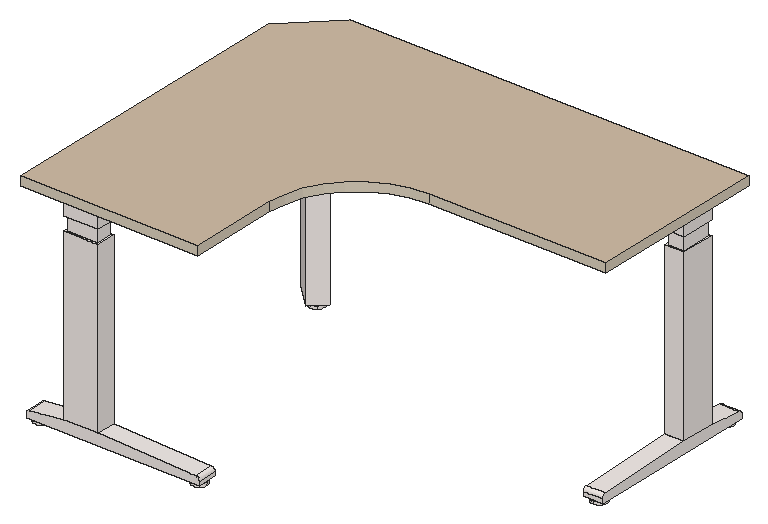
Revit family "M_Sistema de mobiliário-escrivaninha-angular em L de canto quadrado", category Sistema de mobiliário, Revit 2019
Family settings
  Cota do conector redondo = Utilizar diâmetro
  Tipo de parte = Normal
  Número OmniClass = 23.40.70.14.64.21
  Título OmniClass = Systems Furniture
  Com base no plano de trabalho = Não
  Sempre na vertical = Sim
  Corte com vazios quando carregada = Não
  Compartilhado = Não
  Ponto de cálculo do ambiente = Não
Parameters (values of type "1500 x 1200 x 600mm")
  Material da superfície de trabalho [instance] = Laminado plástico – Carvalho branco
  Comentários de tipos = "Escrivaninha angular em L de canto quadrado de 1500 x 1200 x 600 mm"
  Espessura = 30 mm
  Largura = 1200 mm
  Raio = 300 mm
  Model = ""
  Manufacturer = ""
  Comprimento = 1500 mm
  Altura [instance] = 750 mm
  H [instance] = Altura + 5 mm  # 755 mm
  Material do pé [instance] = Metal – Linho pintado
  Altura do pé [instance] = Altura - Espessura  # 720 mm
  Material da aresta [instance] = Laminado plástico – Bege – Claro – Suave
  Description = ""
  Linear = 600 mm
Reference planes
  plane 1 "Centro F/T": y = 0
  plane 2: z = 0
  plane 3 "Centro E/D": x = 0
  plane 4: y = -600
  plane 5 "Direita": x = 1500
  plane 6: x = 600
  plane 7 "Parte frontal": y = -1200
  plane 8: y = -1149.2
  plane 9: x = 1449.2
  plane 10: x = 300
  plane 11: y = -300
  plane 12: x = 190.463
  plane 13: y = -190.463
  plane 14: z = 720
  plane 15: z = 750
  plane 16: y = -900
  plane 17: x = 900
Forms (mm)
  Extrusion 1, solid, material "Laminado plástico – Carvalho branco" <- "Material da superfície de trabalho"
    sketch origin (300, -300, 0) x (0.707107, 0.707107, 0) y (-0.707107, 0.707107, 0)
      loop
        line (107.763, 316.501) -> (-107.763, 316.501) -> (-848.528, -424.264) -> (-424.264, -848.528) -> (-212.132, -636.396)
        arc (-212.132, -636.396) -> (0, -548.528) -> (212.132, -636.396) r 300
        line (212.132, -636.396) -> (636.396, -1060.66) -> (1060.66, -636.396) -> (107.763, 316.501)
    from 720 to 750
Lines and regions (mm)
  Masking region 1
    outline origin (300, -300, 0) x (0.707107, 0.707107, 0) y (-0.707107, 0.707107, 0)
      loop
        line (1060.66, -636.396) -> (107.763, 316.501) -> (-107.763, 316.501) -> (-848.528, -424.264) -> (-424.264, -848.528) -> (-212.132, -636.396)
        arc (-212.132, -636.396) -> (0, -548.528) -> (212.132, -636.396) r 300
        line (212.132, -636.396) -> (636.396, -1060.66) -> (1060.66, -636.396)
  reference lines
    curve 1: line (300, -300, 0) -> (542.467, -57.533, 0)
    curve 2: line (300, -300, 0) -> (484.095, -484.095, 0)
    curve 3: line (182.881, -235.269, 0) -> (524.131, 105.981, 0)
Dimensions and locks
  "Comprimento": plane 3 "Centro E/D" to plane 5 "Direita"
  "Linear": plane 4 to plane 1 "Centro F/T"
  "Largura": plane 7 "Parte frontal" to plane 1 "Centro F/T"
  "Linear": plane 3 "Centro E/D" to plane 6
  locked: plane 8 to plane 7 "Parte frontal" at 50.8
  locked: plane 9 to plane 5 "Direita" at 50.8
  equal spacing: plane 3 "Centro E/D", plane 10, plane 6
  equal spacing: plane 1 "Centro F/T", plane 11, plane 4
  locked: plane 12 to plane 10 at 109.538
  locked: plane 13 to plane 11 at 109.538
  locked: curve 1 to curve 3 at 128.587
  locked: plane 3 "Centro E/D" to Extrusion 1 sketch curve at 152.4
  locked: Extrusion 1 sketch curve to plane 1 "Centro F/T" at 152.4
  "Espessura": plane 15 to plane 14
  "Altura": plane 15 to plane 2
  locked: plane 3 "Centro E/D" to Masking region 1 sketch curve at 152.4
  locked: Masking region 1 sketch curve to plane 1 "Centro F/T" at 152.4
  "Raio": plane 6 to plane 17
  "Raio": plane 4 to plane 16
  "Raio": radius of Masking region 1 sketch curve
  "Raio": radius of Extrusion 1 sketch curve
  locked: curve 2 to plane 11 (angle 45.00°)
  locked: plane 11 to curve 1 (angle 45.00°)
  locked: plane 11 to curve 3 (angle 45.00°)
  aligned and locked: level to plane 2
  aligned and locked: nested 2 to plane 8
  aligned and locked: nested 2 to plane 12
  aligned and locked: nested 3 to plane 9
  aligned and locked: nested 3 to plane 13
  aligned and locked: plane 2 to nested 3
  aligned and locked: plane 2 to nested 2
  aligned and locked: plane 11 to curve 1
  aligned and locked: plane 10 to curve 1
  aligned and locked: plane 11 to curve 2
  aligned and locked: plane 10 to curve 2
  aligned and locked: nested 1 to curve 2
  aligned and locked: curve 3 to nested 1
  aligned and locked: plane 2 to nested 1
  aligned and locked: plane 5 "Direita" to Extrusion 1 sketch curve
  aligned and locked: plane 3 "Centro E/D" to Extrusion 1 sketch curve  (x2)
  aligned and locked: plane 6 to Extrusion 1 sketch curve  (x2)
  aligned and locked: plane 1 "Centro F/T" to Extrusion 1 sketch curve
  aligned and locked: plane 15 to Extrusion 1
  aligned and locked: Extrusion 1 to plane 14
  aligned and locked: plane 7 "Parte frontal" to Extrusion 1 sketch curve
  aligned and locked: plane 4 to Extrusion 1 sketch curve
  aligned and locked: Masking region 1 sketch curve to plane 1 "Centro F/T"
  aligned and locked: Masking region 1 sketch curve to plane 3 "Centro E/D"
  aligned and locked: Masking region 1 sketch curve to plane 7 "Parte frontal"
  aligned and locked: plane 6 to Masking region 1 sketch curve  (x2)
  aligned and locked: Masking region 1 sketch curve to plane 4
  aligned and locked: Masking region 1 sketch curve to plane 5 "Direita"
  aligned and locked: plane 4 to Masking region 1 sketch curve
  aligned and locked: plane 16 to Extrusion 1 sketch curve  (x2)
  aligned and locked: plane 16 to Masking region 1 sketch curve
  aligned and locked: plane 17 to Masking region 1 sketch curve
  aligned and locked: plane 17 to Extrusion 1 sketch curve
Automatic sketch dimensions
  curve 3 to curve 1 = 37.044 mm
Nested families
  nested 1: "M_Sistema de mobiliário-pé-I" at (186.377, -186.377, 0) x (0.7071, -0.7071, 0) z (0, 0, 1), Material do pé <- "Material do pé", type "720mm"
    with Material do pé Metal – Linho pintado
  nested 2: "M_Sistema de mobiliário-pé-C" at (190.463, -1149.2, 0), Material do pé <- "Material do pé", type "720mm"
    with Material do pé Metal – Linho pintado
  nested 3: "M_Sistema de mobiliário-pé-C" at (1449.2, -190.463, 0) x (0, -1, 0) z (0, 0, 1), Material do pé <- "Material do pé", type "720mm"
    with Material do pé Metal – Linho pintado
Definition of nested family "M_Sistema de mobiliário-pé-I"
  Parameters (values of type "720mm")
    Largura = 115 mm
    Type Comments = "Pé em I de 720 mm"
    Espessura = 65 mm
    Model = ""
    Manufacturer = ""
    Altura = 720 mm
    H = 755 mm
    Material do pé [instance] = none
    Description = ""
  Reference planes
    plane 1 "Centro F/T": y = 0
    plane 2: z = 0
    plane 3 "Centro E/D": x = 0
    plane 4 "Parte frontal": y = -32.5
    plane 5 "Esquerda": x = -57.5
    plane 6 "Superior": z = 720
    plane 7 "Direita": x = 57.5
    plane 8: y = 32.5
    plane 9: z = 12.7
    plane 10: z = 669.2
    plane 11: y = 26.15
    plane 12: y = -26.15
    plane 13: x = -51.15
    plane 14: x = 51.15
    plane 15: z = 622.3
    plane 16: z = 8.467
    plane 17: x = 32.1
    plane 18: z = 755
  Forms (mm)
    Extrusion 1, solid, material <- "Material do pé"
      sketch origin (0, 0, 0) x (1, 0, 0) y (0, 1, 0)
        loop
          line (-57.5, 32.5) -> (-57.5, -32.5) -> (57.5, -32.5) -> (57.5, 32.5) -> (-57.5, 32.5)
      from 12.7 to 622.3
    Extrusion 2, solid, material <- "Material do pé"
      sketch origin (0, 0, 0) x (1, 0, 0) y (0, 1, 0)
        loop
          line (-51.15, 26.15) -> (-51.15, -26.15) -> (51.15, -26.15) -> (51.15, 26.15) -> (-51.15, 26.15)
      from 622.3 to 669.2
    Extrusion 3, solid, material <- "Material do pé"
      sketch origin (0, 0, 0) x (1, 0, 0) y (0, 1, 0)
        loop
          line (-57.5, 32.5) -> (-57.5, -32.5) -> (57.5, -32.5) -> (57.5, 32.5) -> (-57.5, 32.5)
      from 669.2 to 720
    Revolve 4, solid, material <- "Material do pé"
      sketch origin (0, 0, 0) x (1, 0, 0) y (0, 0, 1)
        loop
          line (57.5, 8.467) -> (36.333, 8.467) -> (36.333, 12.7) -> (32.1, 12.7) -> (32.1, 0) -> (57.5, 0) -> (57.5, 8.467)
        axis (32.1, 12.7) -> (32.1, 0)
      angle from 0 to 360
  Lines and regions (mm)
    Masking region 1
      outline origin (0, 0, 0) x (1, 0, 0) y (0, 1, 0)
        loop
          line (-57.5, 32.5) -> (-57.5, -32.5) -> (57.5, -32.5) -> (57.5, 32.5) -> (-57.5, 32.5)
    reference lines
      curve 1: line (0, 0, 0) -> (0, 0, 755)
  Dimensions and locks
    "Largura": plane 5 "Esquerda" to plane 7 "Direita"
    "Altura": plane 6 "Superior" to plane 2
    "Espessura": plane 8 to plane 4 "Parte frontal"
    equal spacing: plane 8, plane 1 "Centro F/T", plane 4 "Parte frontal"
    locked: plane 9 to level at 12.7
    equal spacing: plane 5 "Esquerda", plane 3 "Centro E/D", plane 7 "Direita"
    locked: plane 6 "Superior" to plane 10 at 50.8
    locked: plane 8 to plane 11 at 6.35
    locked: plane 4 "Parte frontal" to plane 12 at 6.35
    locked: plane 5 "Esquerda" to plane 13 at 6.35
    locked: plane 14 to plane 7 "Direita" at 6.35
    plane 3 "Centro E/D" to Extrusion 3 = 57.5 mm
    locked: plane 16 to plane 2 at 8.467
    locked: plane 7 "Direita" to plane 17 at 25.4
    locked: Revolve 4 sketch curve to plane 17 at 4.233
    locked: plane 15 to plane 9 at 609.6
    "H": plane 18 to plane 2
    aligned and locked: level to plane 2
    aligned and locked: Extrusion 1 sketch curve to plane 8
    aligned and locked: plane 5 "Esquerda" to Extrusion 1 sketch curve
    aligned and locked: plane 4 "Parte frontal" to Extrusion 1 sketch curve
    aligned and locked: plane 4 "Parte frontal" to Masking region 1 sketch curve
    aligned and locked: Masking region 1 sketch curve to plane 8
    aligned and locked: plane 7 "Direita" to Extrusion 1 sketch curve
    aligned and locked: plane 11 to Extrusion 2 sketch curve
    aligned and locked: plane 13 to Extrusion 2 sketch curve
    aligned and locked: Extrusion 2 sketch curve to plane 12
    aligned and locked: Extrusion 2 sketch curve to plane 14
    aligned and locked: plane 15 to Extrusion 1
    aligned and locked: Extrusion 2 to plane 15
    aligned and locked: plane 10 to Extrusion 2
    aligned and locked: Extrusion 3 sketch curve to Extrusion 1  (x2)
    aligned and locked: plane 6 "Superior" to Extrusion 3
    aligned and locked: Extrusion 1 to plane 9
    aligned and locked: plane 5 "Esquerda" to Masking region 1 sketch curve
    aligned and locked: plane 7 "Direita" to Masking region 1 sketch curve
    aligned and locked: plane 17 to Revolve 4 sketch curve
    aligned and locked: Revolve 4 sketch curve to plane 9
    aligned and locked: Revolve 4 sketch curve to plane 16
    aligned and locked: plane 7 "Direita" to Revolve 4 sketch curve
    aligned and locked: plane 2 to Revolve 4 sketch curve
    aligned and locked: Revolve 4 sketch curve to plane 17
    aligned and locked: Extrusion 3 to plane 10
    aligned and locked: plane 3 "Centro E/D" to curve 1
    aligned and locked: plane 18 to curve 1
  Automatic sketch dimensions
    Extrusion 3 sketch curve to plane 4 "Parte frontal" = 0 mm
    Extrusion 3 sketch curve to plane 8 = 0 mm
    Revolve 4 sketch curve to Revolve 4 sketch curve = 63.5 mm
    Revolve 4 sketch curve to Revolve 4 sketch curve = 57.15 mm
    curve 1 to level = 0 mm
Definition of nested family "M_Sistema de mobiliário-pé-C"
  Parameters (values of type "720mm")
    Largura = 115 mm
    Type Comments = "Pé em C de 720 mm"
    Espessura = 65 mm
    Model = ""
    Manufacturer = ""
    Altura = 720 mm
    H = 755 mm
    Material do pé [instance] = none
    Description = ""
  Reference planes
    plane 1 "Centro F/T": y = 0
    plane 2: z = 0
    plane 3 "Centro E/D": x = 0
    plane 4 "Parte frontal": y = -32.5
    plane 5: x = -57.5
    plane 6 "Superior": z = 720
    plane 7: z = 50.8
    plane 8: x = 57.5
    plane 9: y = 32.5
    plane 10: z = 12.7
    plane 11 "Esquerda": x = -184.5
    plane 12 "Direita": x = 400.4
    plane 13: z = 38.1
    plane 14: z = 669.2
    plane 15: y = 26.15
    plane 16: y = -26.15
    plane 17: x = -51.15
    plane 18: x = 51.15
    plane 19: z = 622.3
    plane 20: x = -159.1
    plane 21: x = 375
    plane 22: z = 8.467
    plane 23: z = 755
  Forms (mm)
    Extrusion 1, solid, material <- "Material do pé"
      sketch origin (0, 0, 0) x (1, 0, 0) y (0, 1, 0)
        loop
          line (-57.5, 32.5) -> (-57.5, -32.5) -> (57.5, -32.5) -> (57.5, 32.5) -> (-57.5, 32.5)
      from 50.8 to 622.3
    Extrusion 2, solid, material <- "Material do pé"
      sketch origin (0, -32.5, 0) x (-1, 0, 0) y (0, 0, 1)
        loop
          line (184.5, 12.7) -> (184.5, 26.607)
          arc (184.5, 26.607) -> (181.216, 35.128) -> (173.064, 39.244) r 12.7
          line (173.064, 39.244) -> (57.5, 50.8) -> (-57.5, 50.8) -> (-388.17, 38.553)
          arc (-388.17, 38.553) -> (-396.845, 34.674) -> (-400.4, 25.862) r 12.7
          line (-400.4, 25.862) -> (-400.4, 12.7) -> (184.5, 12.7)
      from 0 to 65
    Extrusion 3, solid, material <- "Material do pé"
      sketch origin (0, 0, 0) x (1, 0, 0) y (0, 1, 0)
        loop
          line (-51.15, 26.15) -> (-51.15, -26.15) -> (51.15, -26.15) -> (51.15, 26.15) -> (-51.15, 26.15)
      from 622.3 to 669.2
    Extrusion 4, solid, material <- "Material do pé"
      sketch origin (0, 0, 0) x (1, 0, 0) y (0, 1, 0)
        loop
          line (-57.5, 32.5) -> (-57.5, -32.5) -> (57.5, -32.5) -> (57.5, 32.5) -> (-57.5, 32.5)
      from 669.2 to 720
    Revolve 5, solid, material <- "Material do pé"
      sketch origin (0, 0, 0) x (1, 0, 0) y (0, 0, 1)
        loop
          line (-184.5, 8.467) -> (-184.5, 0) -> (-159.1, 0) -> (-159.1, 12.7) -> (-163.333, 12.7) -> (-163.333, 8.467) -> (-184.5, 8.467)
        axis (-159.1, 12.7) -> (-159.1, 0)
      angle from 0 to 360
    Revolve 6, solid, material <- "Material do pé"
      sketch origin (0, 0, 0) x (1, 0, 0) y (0, 0, 1)
        loop
          line (375, 12.7) -> (375, 0) -> (400.4, 0) -> (400.4, 8.467) -> (379.233, 8.467) -> (379.233, 12.7) -> (375, 12.7)
        axis (375, 12.7) -> (375, 0)
      angle from 0 to 360
  Lines and regions (mm)
    Masking region 1
      outline origin (0, 0, 0) x (1, 0, 0) y (0, 1, 0)
        loop
          line (-184.5, 32.5) -> (-184.5, -32.5) -> (400.4, -32.5) -> (400.4, 32.5) -> (-184.5, 32.5)
    reference lines
      curve 1: line (0, 0, 0) -> (0, 0, 755)
  Dimensions and locks
    "Largura": plane 5 to plane 8
    plane 7 to plane 2 = 50.8 mm
    "Altura": plane 6 "Superior" to plane 2
    "Espessura": plane 9 to plane 4 "Parte frontal"
    equal spacing: plane 9, plane 1 "Centro F/T", plane 4 "Parte frontal"
    locked: plane 10 to level at 12.7
    equal spacing: plane 5, plane 3 "Centro E/D", plane 8
    locked: plane 7 to plane 2 at 50.8
    locked: plane 13 to plane 10 at 25.4
    locked: plane 5 to plane 11 "Esquerda" at 127
    locked: plane 8 to plane 12 "Direita" at 342.9
    locked: plane 6 "Superior" to plane 14 at 50.8
    locked: plane 9 to plane 15 at 6.35
    locked: plane 4 "Parte frontal" to plane 16 at 6.35
    locked: plane 5 to plane 17 at 6.35
    locked: plane 18 to plane 8 at 6.35
    plane 3 "Centro E/D" to Extrusion 4 = 57.5 mm
    locked: plane 20 to plane 11 "Esquerda" at 25.4
    locked: plane 12 "Direita" to plane 21 at 25.4
    locked: plane 22 to plane 2 at 8.467
    locked: plane 20 to Revolve 5 sketch curve at 4.233
    locked: Revolve 6 sketch curve to plane 21 at 4.233
    locked: plane 19 to plane 7 at 571.5
    "H": plane 23 to plane 2
    aligned and locked: level to plane 2
    aligned and locked: Extrusion 1 sketch curve to plane 9
    aligned and locked: plane 5 to Extrusion 1 sketch curve
    aligned and locked: plane 4 "Parte frontal" to Extrusion 1 sketch curve
    aligned and locked: Extrusion 1 to plane 7
    aligned and locked: plane 4 "Parte frontal" to Masking region 1 sketch curve
    aligned and locked: Masking region 1 sketch curve to plane 9
    aligned and locked: plane 8 to Extrusion 1 sketch curve
    aligned and locked: Extrusion 2 sketch curve to plane 11 "Esquerda"
    aligned and locked: Extrusion 2 sketch curve to plane 10
    aligned and locked: plane 12 "Direita" to Extrusion 2 sketch curve
    aligned and locked: plane 8 to Extrusion 2 sketch curve
    aligned and locked: plane 7 to Extrusion 2 sketch curve  (x2)
    aligned and locked: plane 5 to Extrusion 2 sketch curve
    aligned and locked: plane 9 to Extrusion 2
    aligned and locked: Extrusion 2 to plane 4 "Parte frontal"
    aligned and locked: plane 15 to Extrusion 3 sketch curve
    aligned and locked: plane 17 to Extrusion 3 sketch curve
    aligned and locked: Extrusion 3 sketch curve to plane 16
    aligned and locked: Extrusion 3 sketch curve to plane 18
    aligned and locked: plane 19 to Extrusion 1
    aligned and locked: Extrusion 3 to plane 19
    aligned and locked: plane 14 to Extrusion 3
    aligned and locked: Extrusion 4 sketch curve to Extrusion 2  (x2)
    aligned and locked: Extrusion 4 sketch curve to Extrusion 1  (x2)
    aligned and locked: plane 6 "Superior" to Extrusion 4
    aligned and locked: plane 10 to Revolve 5 sketch curve
    aligned and locked: plane 20 to Revolve 5 sketch curve
    aligned and locked: Revolve 5 sketch curve to plane 2
    aligned and locked: Revolve 5 sketch curve to plane 11 "Esquerda"
    aligned and locked: plane 22 to Revolve 5 sketch curve
    aligned and locked: Revolve 5 sketch curve to plane 20
    aligned and locked: Revolve 6 sketch curve to plane 21  (x2)
    aligned and locked: plane 10 to Revolve 6 sketch curve
    aligned and locked: plane 22 to Revolve 6 sketch curve
    aligned and locked: plane 12 "Direita" to Revolve 6 sketch curve
    aligned and locked: Revolve 6 sketch curve to plane 2
    aligned and locked: plane 11 "Esquerda" to Masking region 1 sketch curve
    aligned and locked: Masking region 1 sketch curve to plane 12 "Direita"
    aligned and locked: Extrusion 4 to plane 14
    aligned and locked: plane 3 "Centro E/D" to curve 1
    aligned and locked: plane 23 to curve 1
  Automatic sketch dimensions
    plane 13 to Extrusion 2 sketch curve = 0.453 mm
    Extrusion 2 sketch curve to plane 12 "Direita" = 12.23 mm
    Extrusion 2 sketch curve to plane 13 = 12.238 mm
    Extrusion 2 sketch curve to Extrusion 2 sketch curve = 12.7 mm
    plane 13 to Extrusion 2 sketch curve = 1.144 mm
    plane 11 "Esquerda" to Extrusion 2 sketch curve = 11.436 mm
    Revolve 5 sketch curve to level = 31.75 mm
    plane 7 to Revolve 5 sketch curve = 63.5 mm
    Revolve 6 sketch curve to level = 21.251 mm
    plane 7 to Revolve 6 sketch curve = 19.05 mm
    curve 1 to level = 0 mm
Types in the file's own list only (24): name | Comentários de tipos | Largura | Comprimento
  1050 x 1050 x 600mm | "Escrivaninha angular em L de canto quadrado de 1050 x 1050 x 600 mm" | 1050 mm | 1050 mm
  1200 x 1050 x 600mm | "Escrivaninha angular em L de canto quadrado de 1200 x 1050 x 600 mm" | 1050 mm | 1200 mm
  1350 x 1050 x 600mm | "Escrivaninha angular em L de canto quadrado de 1350 x 1050 x 600 mm" | 1050 mm | 1350 mm
  1500 x 1050 x 600mm | "Escrivaninha angular em L de canto quadrado de 1500 x 1050 x 600 mm" | 1050 mm | 1500 mm
  1800 x 1050 x 600mm | "Escrivaninha angular em L de canto quadrado de 1800 x 1050 x 600 mm" | 1050 mm | 1800 mm
  1050 x 1200 x 600mm | "Escrivaninha angular em L de canto quadrado de 1050 x 1200 x 600 mm" | 1200 mm | 1050 mm
  1200 x 1200 x 600mm | "Escrivaninha angular em L de canto quadrado de 1200 x 1200 x 600 mm" | 1200 mm | 1200 mm
  1350 x 1200 x 600mm | "Escrivaninha angular em L de canto quadrado de 1350 x 1200 x 600 mm" | 1200 mm | 1350 mm
  1800 x 1200 x 600mm | "Escrivaninha angular em L de canto quadrado de 1800 x 1200 x 600 mm" | 1200 mm | 1800 mm
  1050 x 1350 x 600mm | "Escrivaninha angular em L de canto quadrado de 1050 x 1350 x 600 mm" | 1350 mm | 1050 mm
  1200 x 1350 x 600mm | "Escrivaninha angular em L de canto quadrado de 1200 x 1350 x 600 mm" | 1350 mm | 1200 mm
  1350 x 1350 x 600mm | "Escrivaninha angular em L de canto quadrado de 1350 x 1350 x 600 mm" | 1350 mm | 1350 mm
  1500 x 1350 x 600mm | "Escrivaninha angular em L de canto quadrado de 1500 x 1350 x 600 mm" | 1350 mm | 1500 mm
  1800 x 1350 x 600mm | "Escrivaninha angular em L de canto quadrado de 1800 x 1350 x 600 mm" | 1350 mm | 1800 mm
  1050 x 1500 x 600mm | "Escrivaninha angular em L de canto quadrado de 1050 x 1500 x 600 mm" | 1500 mm | 1050 mm
  1200 x 1500 x 600mm | "Escrivaninha angular em L de canto quadrado de 1200 x 1500 x 600 mm" | 1500 mm | 1200 mm
  1350 x 1500 x 600mm | "Escrivaninha angular em L de canto quadrado de 1350 x 1500 x 600 mm" | 1500 mm | 1350 mm
  1500 x 1500 x 600mm | "Escrivaninha angular em L de canto quadrado de 1500 x 1500 x 600 mm" | 1500 mm | 1500 mm
  1800 x 1500 x 600mm | "Escrivaninha angular em L de canto quadrado de 1800 x 1500 x 600 mm" | 1500 mm | 1800 mm
  1050 x 1800 x 600mm | "Escrivaninha angular em L de canto quadrado de 1050 x 1800 x 600 mm" | 1800 mm | 1050 mm
  1200 x 1800 x 600mm | "Escrivaninha angular em L de canto quadrado de 1200 x 1800 x 600 mm" | 1800 mm | 1200 mm
  1350 x 1800 x 600mm | "Escrivaninha angular em L de canto quadrado de 1350 x 1800 x 600 mm" | 1800 mm | 1350 mm
  1500 x 1800 x 600mm | "Escrivaninha angular em L de canto quadrado de 1500 x 1800 x 600 mm" | 1800 mm | 1500 mm
  1800 x 1800 x 600mm | "Escrivaninha angular em L de canto quadrado de 1800 x 1800 x 600 mm" | 1800 mm | 1800 mm
